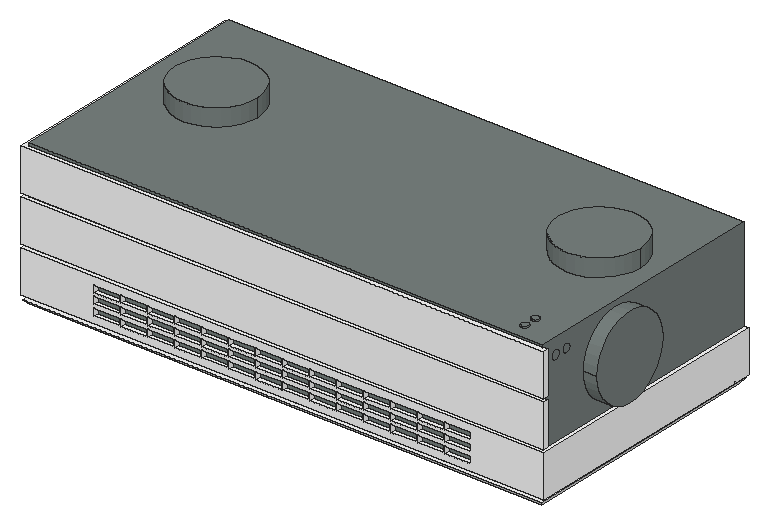
Revit family "AM 500 VBDE", category Mechanical Equipment, Revit 2019
Family settings
  Round Connector Dimension = Use Diameter
  Part Type = Normal
  OmniClass Number = 23.75.00.00
  OmniClass Title = Climate Control (HVAC)
  Work Plane-Based = No
  Always vertical = Yes
  Cut with Voids When Loaded = No
  Shared = No
  Room Calculation Point = No
Parameters
  Weight (Standard Unit) = 108  # constant formula
  Water Heater Surface Return = 10 mm  # constant formula
  Water Heater Surface IN = 10 mm  # constant formula
  URL = "www.airmaster-as.com"
  Total Width = 1600 mm  # constant formula
  Total Hight = 439 mm  # constant formula
  Top Panel [instance] = yes
  T-C Extraction = 139 mm  # constant formula
  R-C Duct Supply = 192 mm  # constant formula
  Middle panel [instance] = yes
  L-C Duct Exhaust = 238 mm  # constant formula
  Suply Air In = 250 mm  # constant formula
  Duct Extraction = 250 mm  # constant formula
  B-C Duct Supply = 328 mm  # constant formula
  Phase 1 - Max Power Consumption = "1762 W"
  Phase 1 - Max Current = "8,1 A"
  Nominal current, electrical preheating surface = "4,4 A"
  Nominal current, electrical comfort heating surface = "2,6 A"
  Nominal current, air handling unit = "1,1 A"
  Network Conection = "AWG 24 CAT 5e STP"
  Model = "AM 500 VBDE"
  Max. flow rate 35 dB(A) with ePM10 80% filters = 440.00 m³  # constant formula
  Max. flow rate 35 dB(A) with ePM10 55% filters = 495.00 m³  # constant formula
  Max. flow rate 35 dB(A) with ePM10 50% filters = 550.00 m³  # constant formula
  Max. flow rate 30 dB(A) with ePM10 80% filters = 344.00 m³  # constant formula
  Max. flow rate 30 dB(A) with ePM10 55% filters = 387.00 m³  # constant formula
  Max. flow rate 30 dB(A) with ePM10 50% filters = 430.00 m³  # constant formula
  Manufacturer = "Airmaster A/S"
  Maintenance [instance] = no
  B-C Duct Exhaust = 328 mm  # constant formula
  Exhaust Air = 250 mm  # constant formula
  Total Depth = 779 mm  # constant formula
  Electrical connection = "1 ~ 230 V / N / PE / 50 Hz"
  Drawn By = "LSB"
  Condensate = 9 mm  # constant formula
  BMS Panel = "(PTS) 2x2x0,6"
  BMS Out = "(PTS) 2x2x0,6"
  BMS IN = "(PTS) 2x0,6"
  B-C Extraction = 489 mm  # constant formula
  Airlow area [instance] = no
Reference planes
  plane 1 "Center (Front/Back)": y = 0
  plane 2: z = 0
  plane 3 "Center (Left/Right)": x = 0
  plane 4 "Center L/S": y = -779
  plane 5 "Center L/T": x = -800
  plane 6 "Center L/U": x = 800
  plane 7 "TOP": z = 439
  plane 8 "Center L/V": x = -785
  plane 9 "Center L/W": y = -764
  plane 10 "Center L/X": x = 785
  plane 11 "Panel Buttom": z = 24.45
  plane 12 "Panel Top": z = 153.45
  plane 13 "Hatch": z = 14.5
  plane 14 "Center L/Z": z = 163.4
  plane 15 "Center L/AA": z = 292.4
  plane 16 "Center L/BB": z = 302.35
  plane 17 "Center L/CC": z = 431.35
Forms (mm)
  Extrusion 1, solid, material "AM Grey"
    sketch origin (0, 0, 0) x (1, 0, 0) y (0, 1, 0)
      loop
        line (-785, 0) -> (-785, -764) -> (785, -764) -> (785, 0) -> (-785, 0)
    from 14.5 to 439
  Extrusion 2, solid, material "AM White"
    sketch origin (794.5, -1524, 24.45) x (0, -1, 0) y (-1, 0, 0)
      loop
        line (-1524, 1594.5) -> (-1524, 1579.5) -> (-760, 1579.5) -> (-760, 9.5) -> (-1524, 9.5) -> (-1524, -5.5) -> (-745, -5.5) -> (-745, 1594.5) -> (-1524, 1594.5)
    from 0 to -129
  Blend 3, solid, material "AM White"
    base sketch origin (-790.646, -1524, 14.5) x (0, -1, 0) y (1, 0, 0)
      loop
        line (-745, -2.387) -> (-745, 1583.657) -> (-1524, 1583.657) -> (-1524, -2.387) -> (-745, -2.387)
    top sketch origin (-790.646, -1524, 14.5) x (0, -1, 0) y (1, 0, 0)
      loop
        line (-760, 8.963) -> (-760, 1572.646) -> (-1509.161, 1572.646) -> (-1509.161, 8.963) -> (-760, 8.963)
    from 0 to -14.5
  Extrusion 4, void
    sketch origin (1480.036, -779, 24.45) x (1, 0, 0) y (0, 0, -1)
      loop
        line (-2055.036, -85.5) -> (-2055.036, -107.5) -> (-1977.536, -107.5) -> (-1977.536, -85.5) -> (-2055.036, -85.5)
      loop
        line (-2055.036, -53.5) -> (-2055.036, -75.5) -> (-1977.536, -75.5) -> (-1977.536, -53.5) -> (-2055.036, -53.5)
      loop
        line (-2055.036, -21.5) -> (-2055.036, -43.5) -> (-1977.536, -43.5) -> (-1977.536, -21.5) -> (-2055.036, -21.5)
      loop
        line (-1972.536, -85.5) -> (-1972.536, -107.5) -> (-1895.036, -107.5) -> (-1895.036, -85.5) -> (-1972.536, -85.5)
      loop
        line (-1972.536, -53.5) -> (-1972.536, -75.5) -> (-1895.036, -75.5) -> (-1895.036, -53.5) -> (-1972.536, -53.5)
      loop
        line (-1972.536, -21.5) -> (-1972.536, -43.5) -> (-1895.036, -43.5) -> (-1895.036, -21.5) -> (-1972.536, -21.5)
      loop
        line (-1890.036, -85.5) -> (-1890.036, -107.5) -> (-1812.536, -107.5) -> (-1812.536, -85.5) -> (-1890.036, -85.5)
      loop
        line (-1890.036, -53.5) -> (-1890.036, -75.5) -> (-1812.536, -75.5) -> (-1812.536, -53.5) -> (-1890.036, -53.5)
      loop
        line (-1890.036, -21.5) -> (-1890.036, -43.5) -> (-1812.536, -43.5) -> (-1812.536, -21.5) -> (-1890.036, -21.5)
      loop
        line (-1807.536, -85.5) -> (-1807.536, -107.5) -> (-1730.036, -107.5) -> (-1730.036, -85.5) -> (-1807.536, -85.5)
      loop
        line (-1807.536, -53.5) -> (-1807.536, -75.5) -> (-1730.036, -75.5) -> (-1730.036, -53.5) -> (-1807.536, -53.5)
      loop
        line (-1807.536, -21.5) -> (-1807.536, -43.5) -> (-1730.036, -43.5) -> (-1730.036, -21.5) -> (-1807.536, -21.5)
      loop
        line (-1725.036, -85.5) -> (-1725.036, -107.5) -> (-1647.536, -107.5) -> (-1647.536, -85.5) -> (-1725.036, -85.5)
      loop
        line (-1725.036, -53.5) -> (-1725.036, -75.5) -> (-1647.536, -75.5) -> (-1647.536, -53.5) -> (-1725.036, -53.5)
      loop
        line (-1725.036, -21.5) -> (-1725.036, -43.5) -> (-1647.536, -43.5) -> (-1647.536, -21.5) -> (-1725.036, -21.5)
      loop
        line (-1642.536, -85.5) -> (-1642.536, -107.5) -> (-1565.036, -107.5) -> (-1565.036, -85.5) -> (-1642.536, -85.5)
      loop
        line (-1642.536, -53.5) -> (-1642.536, -75.5) -> (-1565.036, -75.5) -> (-1565.036, -53.5) -> (-1642.536, -53.5)
      loop
        line (-1642.536, -21.5) -> (-1642.536, -43.5) -> (-1565.036, -43.5) -> (-1565.036, -21.5) -> (-1642.536, -21.5)
      loop
        line (-1560.036, -85.5) -> (-1560.036, -107.5) -> (-1482.536, -107.5) -> (-1482.536, -85.5) -> (-1560.036, -85.5)
      loop
        line (-1560.036, -53.5) -> (-1560.036, -75.5) -> (-1482.536, -75.5) -> (-1482.536, -53.5) -> (-1560.036, -53.5)
      loop
        line (-1560.036, -21.5) -> (-1560.036, -43.5) -> (-1482.536, -43.5) -> (-1482.536, -21.5) -> (-1560.036, -21.5)
      loop
        line (-1477.536, -85.5) -> (-1477.536, -107.5) -> (-1400.036, -107.5) -> (-1400.036, -85.5) -> (-1477.536, -85.5)
      loop
        line (-1477.536, -53.5) -> (-1477.536, -75.5) -> (-1400.036, -75.5) -> (-1400.036, -53.5) -> (-1477.536, -53.5)
      loop
        line (-1477.536, -21.5) -> (-1477.536, -43.5) -> (-1400.036, -43.5) -> (-1400.036, -21.5) -> (-1477.536, -21.5)
      loop
        line (-1395.036, -85.5) -> (-1395.036, -107.5) -> (-1317.536, -107.5) -> (-1317.536, -85.5) -> (-1395.036, -85.5)
      loop
        line (-1395.036, -53.5) -> (-1395.036, -75.5) -> (-1317.536, -75.5) -> (-1317.536, -53.5) -> (-1395.036, -53.5)
      loop
        line (-1395.036, -21.5) -> (-1395.036, -43.5) -> (-1317.536, -43.5) -> (-1317.536, -21.5) -> (-1395.036, -21.5)
      loop
        line (-1312.536, -85.5) -> (-1312.536, -107.5) -> (-1235.036, -107.5) -> (-1235.036, -85.5) -> (-1312.536, -85.5)
      loop
        line (-1312.536, -53.5) -> (-1312.536, -75.5) -> (-1235.036, -75.5) -> (-1235.036, -53.5) -> (-1312.536, -53.5)
      loop
        line (-1312.536, -21.5) -> (-1312.536, -43.5) -> (-1235.036, -43.5) -> (-1235.036, -21.5) -> (-1312.536, -21.5)
      loop
        line (-1230.036, -85.5) -> (-1230.036, -107.5) -> (-1152.536, -107.5) -> (-1152.536, -85.5) -> (-1230.036, -85.5)
      loop
        line (-1230.036, -53.5) -> (-1230.036, -75.5) -> (-1152.536, -75.5) -> (-1152.536, -53.5) -> (-1230.036, -53.5)
      loop
        line (-1230.036, -21.5) -> (-1230.036, -43.5) -> (-1152.536, -43.5) -> (-1152.536, -21.5) -> (-1230.036, -21.5)
      loop
        line (-1147.536, -85.5) -> (-1147.536, -107.5) -> (-1070.036, -107.5) -> (-1070.036, -85.5) -> (-1147.536, -85.5)
      loop
        line (-1147.536, -53.5) -> (-1147.536, -75.5) -> (-1070.036, -75.5) -> (-1070.036, -53.5) -> (-1147.536, -53.5)
      loop
        line (-1147.536, -21.5) -> (-1147.536, -43.5) -> (-1070.036, -43.5) -> (-1070.036, -21.5) -> (-1147.536, -21.5)
      loop
        line (-1065.036, -85.5) -> (-1065.036, -107.5) -> (-987.536, -107.5) -> (-987.536, -85.5) -> (-1065.036, -85.5)
      loop
        line (-1065.036, -53.5) -> (-1065.036, -75.5) -> (-987.536, -75.5) -> (-987.536, -53.5) -> (-1065.036, -53.5)
      loop
        line (-1065.036, -21.5) -> (-1065.036, -43.5) -> (-987.536, -43.5) -> (-987.536, -21.5) -> (-1065.036, -21.5)
      loop
        line (-982.536, -85.5) -> (-982.536, -107.5) -> (-905.036, -107.5) -> (-905.036, -85.5) -> (-982.536, -85.5)
      loop
        line (-982.536, -53.5) -> (-982.536, -75.5) -> (-905.036, -75.5) -> (-905.036, -53.5) -> (-982.536, -53.5)
      loop
        line (-982.536, -21.5) -> (-982.536, -43.5) -> (-905.036, -43.5) -> (-905.036, -21.5) -> (-982.536, -21.5)
    from 0 to 15
  Extrusion 5, solid, material "AM Grey"
    sketch origin (-785, -20, 0) x (0, 1, 0) y (0, 0, -1)
      loop
        arc (-34.231, -35.823) -> (-20.604, -46.468) -> (-15.509, -29.944) r 10.5
        arc (-15.509, -29.944) -> (-26.896, -26.432) -> (-34.231, -35.823) r 10.5
    from 0 to 14.9
  Extrusion 6, solid, material "AM Grey"
    sketch origin (785, 0, 0) x (0, -1, 0) y (0, 0, -1)
      loop
        circle (48.75, -36.414) r 8
    from 0 to 14.9
  Extrusion 7, solid, material "AM Grey"
    sketch origin (785, 0, 0) x (0, -1, 0) y (0, 0, -1)
      loop
        circle (48.75, -60.414) r 5.5
    from 0 to 14.9
  Extrusion 8, solid, material "AM Grey"
    sketch origin (785, 0, 0) x (0, -1, 0) y (0, 0, -1)
      loop
        arc (52.21, -82.945) -> (49.124, -78.934) -> (45.257, -82.197) r 3.5
        arc (45.257, -82.197) -> (48.376, -85.894) -> (52.21, -82.945) r 3.5
    from 0 to 14.9
  Extrusion 9, solid, material "AM Grey"
    sketch origin (785, 0, 0) x (0, -1, 0) y (0, 0, -1)
      loop
        arc (52.21, -104.867) -> (49.124, -100.856) -> (45.257, -104.119) r 3.5
        arc (45.257, -104.119) -> (48.376, -107.816) -> (52.21, -104.867) r 3.5
    from 0 to 14.9
  Extrusion 10, solid, material "AM Grey"
    sketch origin (785, 0, 0) x (0, -1, 0) y (0, 0, -1)
      loop
        arc (666.553, -391.641) -> (678.119, -403.614) -> (689.95, -391.903) r 11.7
        arc (689.95, -391.903) -> (678.381, -380.215) -> (666.553, -391.641) r 11.7
    from 0 to 2
  Extrusion 11, solid, material "AM Grey"
    sketch origin (785, 0, 0) x (0, -1, 0) y (0, 0, -1)
      loop
        arc (707.323, -393.239) -> (721.418, -403.717) -> (730.869, -388.914) r 12
        arc (730.869, -388.914) -> (717.082, -380.112) -> (707.323, -393.239) r 12
    from 0 to 2
  Extrusion 12, solid, material "AM Grey"
    sketch origin (-2194.69, 0, 0) x (1, 0, 0) y (0, 0, -1)
      loop
        arc (1478.835, -24) -> (1493.457, -45.482) -> (1480.281, -23.084) r 13
        line (1480.281, -23.084) -> (1478.835, -24)
    from 0 to 2
  Extrusion 13, solid, material "AM Grey"
    sketch origin (0, 0, 439) x (1, 0, 0) y (0, 1, 0)
      loop
        arc (693.662, -689.53) -> (693, -667.55) -> (692.338, -689.53) r 11
        line (692.338, -689.53) -> (693.662, -689.53)
    from 0 to 2
  Extrusion 14, solid, material "AM Grey"
    sketch origin (0, 0, 439) x (1, 0, 0) y (0, 1, 0)
      loop
        arc (693.662, -730.28) -> (693, -708.3) -> (692.338, -730.28) r 11
        line (692.338, -730.28) -> (693.662, -730.28)
    from 0 to 2
  Extrusion 15, solid, material "Maintenece", visible <- "Maintenance"
    sketch origin (-790.646, -1524, 0) x (1, 0, 0) y (0, -1, 0)
      loop
        line (-9.354, -1524) -> (1590.646, -1524) -> (1590.646, -745) -> (-9.354, -745) -> (-9.354, -1524)
    from 0 to 1200
  Extrusion 16, solid, material "AM Grey"
    sketch origin (0, 0, 439) x (1, 0, 0) y (0, 1, 0)
      loop
        circle (-562, -328) r 125
    from 0 to 53
  Extrusion 17, solid, material "AM Grey"
    sketch origin (1170, 0, 439) x (1, 0, 0) y (0, 1, 0)
      loop
        circle (-562, -328) r 125
    from 0 to 53
  Extrusion 18, solid, material "AM Grey"
    sketch origin (785, 0, 0) x (0, -1, 0) y (0, 0, -1)
      loop
        circle (489, -300) r 125
    from 0 to 45
  Extrusion 19, solid, material "AM White", visible <- "Middle panel"
    sketch origin (794.5, -1524, 163.4) x (0, -1, 0) y (-1, 0, 0)
      loop
        line (-1524, 1594.5) -> (-1524, 1579.5) -> (-760, 1579.5) -> (-760, 9.5) -> (-760, -5.5) -> (-745, -5.5) -> (-745, 1594.5) -> (-1524, 1594.5)
    from 0 to -129
  Extrusion 20, solid, material "AM White", visible <- "Top Panel"
    sketch origin (794.5, -1524, 302.35) x (0, -1, 0) y (-1, 0, 0)
      loop
        line (-1524, 1594.5) -> (-1524, 1579.5) -> (-760, 1579.5) -> (-760, 9.5) -> (-760, -5.5) -> (-745, -5.5) -> (-745, 1594.5) -> (-1524, 1594.5)
    from 0 to -129
Cuts and joins
  Extrusion 4 cuts Extrusion 1
  Extrusion 4 cuts Extrusion 2
Dimensions and locks
  "Total Depth": plane 4 "Center L/S" to plane 1 "Center (Front/Back)"
  equal spacing: plane 5 "Center L/T", plane 3 "Center (Left/Right)", plane 6 "Center L/U"
  "Total Width": plane 5 "Center L/T" to plane 6 "Center L/U"
  "Total Hight": plane 7 "TOP" to level
  locked: plane 10 "Center L/X" to plane 6 "Center L/U" at 15
  locked: plane 4 "Center L/S" to plane 9 "Center L/W" at 15
  locked: plane 5 "Center L/T" to plane 8 "Center L/V" at 15
  Extrusion 1 to Blend 3 sketch curve = 14.839 mm
  nested 2 to cut or joined group of Extrusion 2, Extrusion 4 = 550 mm
  "L-C Duct Exhaust": plane 5 "Center L/T" to Extrusion 16 sketch curve
  "B-C Duct Exhaust": Extrusion 16 sketch curve to plane 1 "Center (Front/Back)"
  "B-C Duct Supply": Extrusion 17 sketch curve to plane 1 "Center (Front/Back)"
  "R-C Duct Supply": Extrusion 17 sketch curve to plane 6 "Center L/U"
  "T-C Extraction": plane 7 "TOP" to Extrusion 18 sketch curve
  "B-C Extraction": Extrusion 18 sketch curve to plane 1 "Center (Front/Back)"
  aligned and locked: level to plane 2
  aligned and locked: plane 1 "Center (Front/Back)" to Extrusion 1 sketch curve
  aligned and locked: Extrusion 1 sketch curve to plane 8 "Center L/V"
  aligned and locked: Extrusion 1 sketch curve to plane 9 "Center L/W"
  aligned and locked: Extrusion 1 sketch curve to plane 10 "Center L/X"
  aligned and locked: plane 7 "TOP" to Extrusion 1
  aligned and locked: plane 5 "Center L/T" to Extrusion 2 sketch curve
  aligned and locked: plane 4 "Center L/S" to Extrusion 2 sketch curve
  aligned and locked: plane 6 "Center L/U" to Extrusion 2 sketch curve
  aligned and locked: Extrusion 2 sketch curve to Extrusion 1  (x3)
  aligned and locked: plane 1 "Center (Front/Back)" to Extrusion 2 sketch curve
  aligned and locked: Extrusion 2 to plane 12 "Panel Top"
  aligned and locked: Blend 3 to plane 2
  aligned and locked: plane 13 "Hatch" to Extrusion 1
  aligned and locked: Extrusion 15 sketch curve to cut or joined group of Extrusion 2, Extrusion 4  (x4)
Automatic sketch dimensions
  plane 1 "Center (Front/Back)" to Extrusion 2 sketch curve = 0 mm
  plane 1 "Center (Front/Back)" to Blend 3 sketch curve = 0 mm
  plane 4 "Center L/S" to Blend 3 sketch curve = 0 mm
  plane 5 "Center L/T" to Blend 3 sketch curve = 6.967 mm
  Blend 3 sketch curve to plane 6 "Center L/U" = 6.989 mm
  plane 9 "Center L/W" to Blend 3 sketch curve = 0 mm
  plane 8 "Center L/V" to Blend 3 sketch curve = 3.316 mm
  Blend 3 sketch curve to plane 10 "Center L/X" = 3 mm
  Extrusion 4 sketch curve to Extrusion 2 = 43.5 mm  (x4)
  Extrusion 4 sketch curve to Extrusion 2 = 225 mm
  Extrusion 4 sketch curve to Extrusion 4 sketch curve = 0 mm  (x87)
  Extrusion 4 sketch curve to Extrusion 4 sketch curve = 77.5 mm  (x14)
  Extrusion 4 sketch curve to Extrusion 4 sketch curve = 5 mm  (x39)
  Extrusion 4 sketch curve to Extrusion 2 = 21.5 mm  (x7)
  Extrusion 4 sketch curve to Extrusion 4 sketch curve = 10 mm  (x12)
  Extrusion 4 sketch curve to Extrusion 4 sketch curve = 22 mm  (x4)
  Extrusion 5 sketch curve to Extrusion 5 sketch curve = 0 mm  (x2)
  Extrusion 1 to Extrusion 5 sketch curve = 43.75 mm
  Extrusion 1 to Extrusion 5 sketch curve = 21.95 mm
  Extrusion 5 sketch curve to Extrusion 5 sketch curve = 10.481 mm
  Extrusion 5 sketch curve to Extrusion 5 sketch curve = 8.241 mm
  Extrusion 5 sketch curve to Extrusion 5 sketch curve = 0.627 mm
  Extrusion 1 to Extrusion 6 sketch curve = 21.914 mm
  Extrusion 1 to Extrusion 6 sketch curve = 48.75 mm
  Extrusion 1 to Extrusion 7 sketch curve = 48.75 mm
  Extrusion 1 to Extrusion 7 sketch curve = 45.914 mm
  Extrusion 8 sketch curve to Extrusion 8 sketch curve = 0 mm  (x2)
  Extrusion 1 to Extrusion 8 sketch curve = 48.75 mm
  Extrusion 1 to Extrusion 8 sketch curve = 67.914 mm
  Extrusion 8 sketch curve to Extrusion 8 sketch curve = 3.493 mm
  Extrusion 8 sketch curve to Extrusion 8 sketch curve = 3.46 mm
  Extrusion 8 sketch curve to Extrusion 8 sketch curve = 0.531 mm
  Extrusion 9 sketch curve to Extrusion 9 sketch curve = 0 mm  (x2)
  Extrusion 1 to Extrusion 9 sketch curve = 48.75 mm
  Extrusion 1 to Extrusion 9 sketch curve = 89.836 mm
  Extrusion 9 sketch curve to Extrusion 9 sketch curve = 3.493 mm
  Extrusion 9 sketch curve to Extrusion 9 sketch curve = 3.46 mm
  Extrusion 9 sketch curve to Extrusion 9 sketch curve = 0.531 mm
  Extrusion 10 sketch curve to Extrusion 10 sketch curve = 0 mm  (x2)
  Extrusion 1 to Extrusion 10 sketch curve = 85.75 mm
  Extrusion 1 to Extrusion 10 sketch curve = 47.086 mm
  Extrusion 10 sketch curve to Extrusion 10 sketch curve = 11.697 mm
  Extrusion 10 sketch curve to Extrusion 10 sketch curve = 11.7 mm
  Extrusion 10 sketch curve to Extrusion 10 sketch curve = 0.011 mm
  Extrusion 11 sketch curve to Extrusion 11 sketch curve = 0 mm  (x2)
  Extrusion 1 to Extrusion 11 sketch curve = 44.75 mm
  Extrusion 1 to Extrusion 11 sketch curve = 47.086 mm
  Extrusion 11 sketch curve to Extrusion 11 sketch curve = 11.927 mm
  Extrusion 11 sketch curve to Extrusion 11 sketch curve = 11.619 mm
  Extrusion 11 sketch curve to Extrusion 11 sketch curve = 1.325 mm
  Extrusion 1 to Extrusion 12 sketch curve = 9.5 mm
  Extrusion 12 sketch curve to Extrusion 1 = 69.145 mm
  Extrusion 1 to Extrusion 12 sketch curve = 8.584 mm
  Extrusion 12 sketch curve to Extrusion 12 sketch curve = 1.446 mm
  Extrusion 12 sketch curve to Extrusion 12 sketch curve = 6.219 mm
  Extrusion 13 sketch curve to Extrusion 1 = 92.662 mm
  Extrusion 13 sketch curve to Extrusion 13 sketch curve = 0.662 mm
  Extrusion 13 sketch curve to Extrusion 1 = 74.47 mm
  Extrusion 13 sketch curve to Extrusion 13 sketch curve = 10.98 mm
  Extrusion 14 sketch curve to Extrusion 1 = 92.662 mm
  Extrusion 14 sketch curve to Extrusion 14 sketch curve = 0.662 mm
  Extrusion 14 sketch curve to Extrusion 1 = 33.72 mm
  Extrusion 14 sketch curve to Extrusion 14 sketch curve = 10.98 mm
  plane 1 "Center (Front/Back)" to Extrusion 19 sketch curve = 0 mm
  plane 1 "Center (Front/Back)" to Extrusion 19 sketch curve = 764 mm
  Extrusion 19 sketch curve to plane 8 "Center L/V" = 0 mm
  Extrusion 19 sketch curve to plane 9 "Center L/W" = 0 mm
  plane 4 "Center L/S" to Extrusion 19 sketch curve = 0 mm
  Extrusion 19 sketch curve to plane 5 "Center L/T" = 0 mm
  Extrusion 19 sketch curve to plane 10 "Center L/X" = 0 mm  (x2)
  Extrusion 19 sketch curve to plane 6 "Center L/U" = 0 mm
  plane 1 "Center (Front/Back)" to Extrusion 20 sketch curve = 0 mm
  plane 1 "Center (Front/Back)" to Extrusion 20 sketch curve = 764 mm
  Extrusion 20 sketch curve to plane 8 "Center L/V" = 0 mm
  Extrusion 20 sketch curve to plane 9 "Center L/W" = 0 mm
  plane 4 "Center L/S" to Extrusion 20 sketch curve = 0 mm
  Extrusion 20 sketch curve to plane 5 "Center L/T" = 0 mm
  Extrusion 20 sketch curve to plane 10 "Center L/X" = 0 mm  (x2)
  Extrusion 20 sketch curve to plane 6 "Center L/U" = 0 mm
  radius of Extrusion 6 sketch curve = 8 mm
  radius of Extrusion 7 sketch curve = 5.5 mm
  radius of Extrusion 16 sketch curve = 125 mm
  radius of Extrusion 17 sketch curve = 125 mm
  radius of Extrusion 18 sketch curve = 125 mm
Nested families
  nested 1: "Model Label 2019" at (0, -541.924, 0), Label <- "Model", type "Model Label 2019"
    with Label "AM 500 VBDE"
  nested 2: "indblæssymbol" at (11.742, -879, 0) x (0, -1, 0) z (0, 0, 1), type "indblæssymbol"
    with dX_ 609 mm, dX 609 mm, ang2D 0.00°
Connectors
  piping at (-799.9, -44.87, 32.883), diameter 9, driven by "Condensate"
    settings: on Extrusion 5, index 1, connector inside diameter 609.6 mm, connector length 0 mm, flow factor 0, pipe flow 0.0 L/s, pressure drop 0.0 Pa, fitting loss kfactor 0, connector angle 0.00°, fixture units 0, engagement length 0 mm, angle of deflection 0.00°, flow configuration 0, flow direction 0, fitting loss method 0, system type 16, joint type 0, gender type 0, connector reference index -1, connector utility 0, adjustable connector no, is connector primary yes, connector description ""
  electrical at (799.9, -48.75, 36.414), driven by "Electrical connection"
    settings: on Extrusion 6, index 2, voltage 230 V, apparent load 0 VA, apparent load phase1 0 VA, apparent load phase2 0 VA, apparent load phase3 0 VA, power factor 0.58, load classification "Other", number of poles 1, system type 30, power factor state 1, is connector primary yes, connector utility no, sub classification motor no, connector description "1 ~ 230 V / N / PE / 50 Hz"
  electrical at (799.9, -48.75, 60.414), driven by "Network Conection"
    settings: on Extrusion 7, index 3, voltage 0 V, apparent load 0 VA, apparent load phase1 0 VA, apparent load phase2 0 VA, apparent load phase3 0 VA, power factor 1, load classification "Other", number of poles 1, system type 5, power factor state 1, is connector primary no, connector utility no, sub classification motor no, connector description "AWG 24 CAT 5e STP"
  electrical at (799.9, -48.733, 82.571), driven by "BMS IN"
    settings: on Extrusion 8, index 4, voltage 0 V, apparent load 0 VA, apparent load phase1 0 VA, apparent load phase2 0 VA, apparent load phase3 0 VA, power factor 1, load classification "Other", number of poles 1, system type 5, power factor state 1, is connector primary no, connector utility no, sub classification motor no, connector description "(PTS) 2x0,6"
  electrical at (799.9, -48.733, 104.493), driven by "BMS Out"
    settings: on Extrusion 9, index 5, voltage 0 V, apparent load 0 VA, apparent load phase1 0 VA, apparent load phase2 0 VA, apparent load phase3 0 VA, power factor 1, load classification "Other", number of poles 1, system type 5, power factor state 1, is connector primary no, connector utility no, sub classification motor no, connector description "(PTS) 2x2x0,6"
  piping at (787, -719.096, 391.076), diameter 10, driven by "Water Heater Surface IN"
    settings: on Extrusion 11, index 6, connector inside diameter 609.6 mm, connector length 0 mm, flow factor 0, pipe flow 0.0 L/s, pressure drop 0.0 Pa, fitting loss kfactor 0, connector angle 0.00°, fixture units 0, engagement length 0 mm, angle of deflection 0.00°, flow configuration 0, flow direction 1, fitting loss method 0, system type 7, joint type 0, gender type 0, connector reference index -1, connector utility 0, adjustable connector no, is connector primary no, connector description ""
  piping at (787, -678.252, 391.772), diameter 10, driven by "Water Heater Surface Return"
    settings: on Extrusion 10, index 7, connector inside diameter 609.6 mm, connector length 0 mm, flow factor 0, pipe flow 0.0 L/s, pressure drop 0.0 Pa, fitting loss kfactor 0, connector angle 0.00°, fixture units 0, engagement length 0 mm, angle of deflection 0.00°, flow configuration 0, flow direction 2, fitting loss method 0, system type 8, joint type 0, gender type 0, connector reference index -1, connector utility 0, adjustable connector no, is connector primary no, connector description ""
  piping at (-715.132, 2, 23.542), diameter 9, driven by "Condensate"
    settings: on Extrusion 12, index 8, connector inside diameter 609.6 mm, connector length 0 mm, flow factor 0, pipe flow 0.0 L/s, pressure drop 0.0 Pa, fitting loss kfactor 0, connector angle 0.00°, fixture units 0, engagement length 0 mm, angle of deflection 0.00°, flow configuration 0, flow direction 0, fitting loss method 0, system type 16, joint type 0, gender type 0, connector reference index -1, connector utility 0, adjustable connector no, is connector primary no, connector description "9"
  piping at (693, -730.28, 441), diameter 10, driven by "Water Heater Surface IN"
    settings: on Extrusion 14, index 11, connector inside diameter 609.6 mm, connector length 0 mm, flow factor 0, pipe flow 0.0 L/s, pressure drop 0.0 Pa, fitting loss kfactor 0, connector angle 0.00°, fixture units 0, engagement length 0 mm, angle of deflection 0.00°, flow configuration 0, flow direction 0, fitting loss method 0, system type 19, joint type 0, gender type 0, connector reference index -1, connector utility 0, adjustable connector no, is connector primary no, connector description ""
  piping at (693, -689.53, 441), diameter 10, driven by "Water Heater Surface Return"
    settings: on Extrusion 13, index 12, connector inside diameter 609.6 mm, connector length 0 mm, flow factor 0, pipe flow 0.0 L/s, pressure drop 0.0 Pa, fitting loss kfactor 0, connector angle 0.00°, fixture units 0, engagement length 0 mm, angle of deflection 0.00°, flow configuration 0, flow direction 0, fitting loss method 0, system type 19, joint type 0, gender type 0, connector reference index -1, connector utility 0, adjustable connector no, is connector primary no, connector description ""
  hvac at (608, -328, 439), driven by "Suply Air In"
    settings: on Extrusion 17, index 16, duct flow 0.0 L/s, flow factor 0, pres drop 0.0 Pa, loss coef 0, conn angle 0.00°, conn width 304.8 mm, conn height 304.8 mm, conn diameter 250 mm, duct sys type 1, conn prof type 0, flow config 0, flow direction 1, loss method 0, conn ref index -1, conn util no, is conn primary yes, conn desc ""
  hvac at (-562, -328, 439), driven by "Exhaust Air"
    settings: on Extrusion 16, index 17, duct flow 0.0 L/s, flow factor 0, pres drop 0.0 Pa, loss coef 0, conn angle 0.00°, conn width 304.8 mm, conn height 304.8 mm, conn diameter 250 mm, duct sys type 3, conn prof type 0, flow config 0, flow direction 2, loss method 0, conn ref index -1, conn util no, is conn primary no, conn desc ""
  hvac at (785, -489, 300), driven by "Duct Extraction"
    settings: on Extrusion 18, index 18, duct flow 0.0 L/s, flow factor 0, pres drop 0.0 Pa, loss coef 0, conn angle 0.00°, conn width 304.8 mm, conn height 304.8 mm, conn diameter 250 mm, duct sys type 2, conn prof type 0, flow config 0, flow direction 1, loss method 0, conn ref index -1, conn util no, is conn primary no, conn desc ""
Definition of nested family "Model Label 2019"
  Parameters (values of type "Model Label 2019")
    Label [instance] = ""
  Reference planes
    plane 1: y = 0
    plane 2: x = 0
  Text (mm)
    label "Label" at (-0.131, 0.049, 0), shows "Label"
Definition of nested family "indblæssymbol"
  Parameters (values of type "indblæssymbol")
    dX_ [instance] = if(dX = 0 mm, 1 mm, dX)  # 609 mm
    dX [instance] = 609 mm
    ang2D [instance] = 0.00°
    Type Comments = "DO NOT CHANGE dX value from 608 mm ( 2 ft )"
    Afstand pil = 50 mm
  Reference planes
    plane 1 "Center (Front/Back)": y = 0
    plane 2: z = 0
    plane 3 "Center (Left/Right)": x = 0
  Lines and regions (mm)
    Filled region 1, type "Concrete", in view "Ref. Level"
      outline origin (50.005, 0, 0) x (1, 0, 0) y (0, 1, 0)
        loop
          line (399.995, 0.414) -> (301.442, 17.365) -> (301.588, -17.365) -> (399.995, 0.414)
    reference lines, in view "Ref. Level"
      curve 1: line (50, 134.129, 0) -> (50, -145.871, 0)
    detail lines, in view "Ref. Level"
      curve 2: line (351.52, 0, 0) -> (50, 0, 0)
  Dimensions and locks
    "Afstand pil": plane 3 "Center (Left/Right)" to curve 1
    curve 1 to Filled region 1 = 400 mm
  Automatic sketch dimensions
    Filled region 1 sketch curve to plane 1 "Center (Front/Back)" = 0.414 mm
    plane 3 "Center (Left/Right)" to Filled region 1 sketch curve = 450 mm
    plane 1 "Center (Front/Back)" to Filled region 1 sketch curve = 17.365 mm
    Filled region 1 sketch curve to Filled region 1 sketch curve = 98.407 mm
    Filled region 1 sketch curve to plane 1 "Center (Front/Back)" = 17.365 mm
    Filled region 1 sketch curve to Filled region 1 sketch curve = 0.146 mm
    plane 1 "Center (Front/Back)" to curve 2 = 0 mm
    plane 3 "Center (Left/Right)" to curve 2 = 50 mm
    curve 2 to curve 2 = 301.52 mm
    plane 1 "Center (Front/Back)" to curve 1 = 145.871 mm
    curve 1 to plane 1 "Center (Front/Back)" = 134.129 mm
